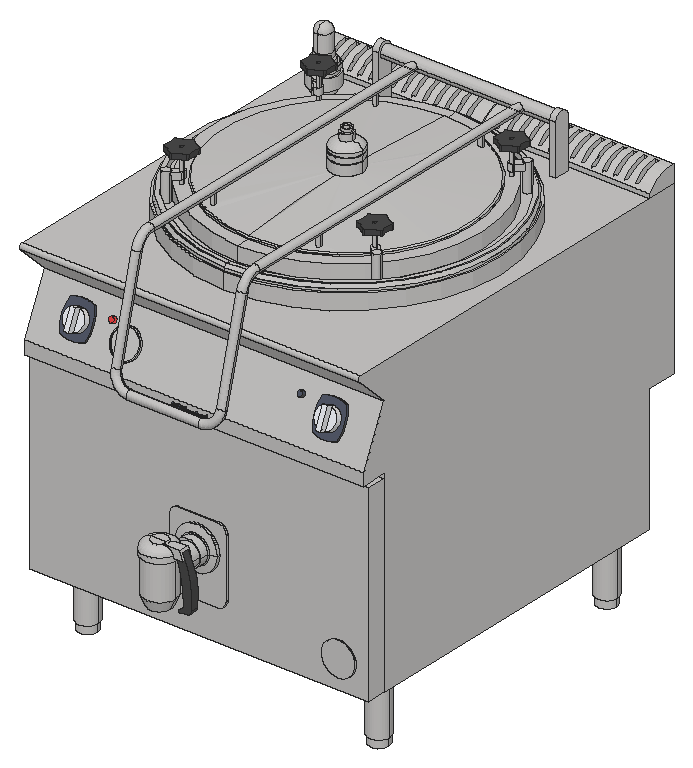
Revit family "QF_ELECTROLUXPROFESSIONAL_391616_E9NNETBAMEC", category Attrezzature speciali, Revit 2018
Family settings
  Quota connettore circolare = Usa diametro
  Tipo di parte = Normale
  Basato su piano di lavoro = No
  Sempre verticale = Sì
  Taglio con vuoti quando caricato = No
  Condiviso = No
  Punto di calcolo locali = No
Parameters (values of type "Standard")
  Weight = 145.00 kg
  Watts = 100 W
  Volts = 220 V
  URL Manufacturer = "https://www.electroluxprofessional.com/"
  URL = "https://www.electroluxprofessional.com/"
  Steam Supply Size = 0"
  Steam Supply Minimum Pressure = 0.00 psi
  Steam Supply Maximum Pressure = 0.00 psi
  Steam Consumption per Hour = 0
  Show Logo [instance] = yes
  Show Clearance [instance] = yes
  Refrigeration Suction Line Size = 0 mm
  Refrigeration Liquid Line Size = 0 mm
  Refrigerant Compressor Remote = yes
  Phase = 1
  Modello = "E9NNETBAMEC"
  Produttore = "Electrolux Professional"
  Length Actual = 800 mm  # constant formula
  Item Number = "391616"
  Hot Water Size = 3/4"
  Height Actual = 850 mm  # constant formula
  HP = "0.1 HP"
  Gas Size = 1/2"
  Gas KW = 24
  Gas Input Pressure = 0.805176 Btu/h
  Direct Waste Size = 2"
  Descrizione = "150LT GAS BOILING PAN-INDIR.HEAT-AUTOCLAVE-60HZ - QMARK"
  Depth Actual = 930 mm  # constant formula
  Cycle = 60 Hz
  Condensate Return Size = 0"
  Compressed Air Volume = 0 GPM
  Compressed Air Size = 0"
  Compressed Air Pressure = 0.00 psi
  Cold Water Size = 3/4"
  Assembly Code = ""
  Accessory = yes
Reference planes
  plane 1 "BACK": y = 0
  plane 2: z = 0
  plane 3 "LEFT": x = 0
  plane 4 "RIGHT": x = 800
  plane 5 "FRONT": y = -930
  plane 6 "TOP": z = 850
  plane 7 "Center Y": x = 400
  plane 8 "Center X": y = -465
  plane 9 "Base": z = 150
  plane 10: y = -1017
  plane 11: z = 1786
  plane 12: y = -800
  plane 13: x = 56
  plane 14: x = 744
  plane 15: x = 746
  plane 16: x = 729
  plane 17: x = 47
  plane 18: x = 151.01
  plane 19: x = 648.99
  plane 20: y = -127
Forms (mm)
  Revolve 1, solid, material "QF_Finishes_Stainless Steel"
    sketch origin (1, -127, 0) x (1, 0, 0) y (0, 0, 1)
      loop
        line (55, 0) -> (55, 150) -> (29.6, 150) -> (29.6, 19.05) -> (32.1, 19.05) -> (32.1, 0) -> (55, 0)
      axis (55, 0) -> (55, 150)
    angle from 0 to 360
  Revolve 2, solid, material "QF_Finishes_Stainless Steel"
    sketch origin (799, -127, 0) x (-1, 0, 0) y (0, 0, -1)
      loop
        line (55, 0) -> (32.1, 0) -> (32.1, -19.05) -> (29.6, -19.05) -> (29.6, -150) -> (55, -150) -> (55, 0)
      axis (55, 0) -> (55, -150)
    angle from 0 to 360
  Revolve 3, solid, material "QF_Finishes_Stainless Steel"
    sketch origin (1, -800, 0) x (1, 0, 0) y (0, 0, 1)
      loop
        line (55, 0) -> (55, 150) -> (29.6, 150) -> (29.6, 19.05) -> (32.1, 19.05) -> (32.1, 0) -> (55, 0)
      axis (55, 0) -> (55, 150)
    angle from 0 to 360
  Revolve 4, solid, material "QF_Finishes_Stainless Steel"
    sketch origin (799, -800, 0) x (-1, 0, 0) y (0, 0, -1)
      loop
        line (55, 0) -> (32.1, 0) -> (32.1, -19.05) -> (29.6, -19.05) -> (29.6, -150) -> (55, -150) -> (55, 0)
      axis (55, 0) -> (55, -150)
    angle from 0 to 360
  Extrusion 5, solid, material "QF_Finishes_Stainless Steel"
    sketch origin (0, 0, 576.213) x (0, 1, 0) y (0, 0, 1)
      loop
        line (0, -127.212) -> (0, 273.787) -> (-922.342, 273.787)
        arc (-922.342, 273.787) -> (-929.417, 269.06) -> (-927.757, 260.714) r 7.658
        line (-927.757, 260.714) -> (-856.613, 190.57) -> (-915.31, 65.214) -> (-915.31, 33.916) -> (-855.186, 38.612)
        arc (-855.186, 38.612) -> (-852.661, 37.864) -> (-851.569, 35.468) r 3.175
        line (-851.569, 35.468) -> (-851.569, -426.212) -> (-72, -426.212) -> (-72, -127.212) -> (0, -127.212)
      loop
        line (-901, 25.858) -> (-901, -426.212) -> (-854.744, -426.212) -> (-854.744, 25.858) -> (-901, 25.858)
    from 0 to 800
  Extrusion 6, solid, material "QF_Finishes_Stainless Steel"
    sketch origin (0, -901, 557.071) x (0, 0, 1) y (-1, 0, 0)
      loop
        arc (-150.774, -353.125) -> (-156.632, -338.983) -> (-170.774, -333.125) r 20
        line (-170.774, -333.125) -> (-310.774, -333.125)
        arc (-310.774, -333.125) -> (-324.916, -338.983) -> (-330.774, -353.125) r 20
        line (-330.774, -353.125) -> (-330.774, -446.875)
        arc (-330.774, -446.875) -> (-324.916, -461.017) -> (-310.774, -466.875) r 20
        line (-310.774, -466.875) -> (-170.774, -466.875)
        arc (-170.774, -466.875) -> (-156.632, -461.017) -> (-150.774, -446.875) r 20
        line (-150.774, -446.875) -> (-150.774, -353.125)
    from 0 to 3.2
  Revolve 7, solid, material "QF_Finishes_Stainless Steel"
    sketch origin (50, -127.411, 338.218) x (1, 0, 0) y (0, 1, 0)
      loop
        line (350, -776.789) -> (350, -866.845) -> (377.31, -866.845) -> (377.31, -807.326) -> (381.52, -807.326) -> (381.52, -788.802) -> (383.56, -788.802) -> (383.56, -785.903) -> (400.479, -782.307) -> (400.479, -776.789) -> (350, -776.789)
      axis (350, -866.845) -> (350, -776.789)
    angle from 0 to 360
  Extrusion 8, solid, material "QF_Finishes_Stainless Steel"
    sketch origin (0, -901, 557.071) x (0, 0, 1) y (-1, 0, 0)
      loop
        circle (-340.2, -729.973) r 40
      loop
        circle (-280.2, -284.973) r 20
    from 0 to 1.6
  Extrusion 9, solid, material "QF_Finishes_Navy Blue"
    sketch origin (-437.256, -913.119, 646.186) x (0, 0.418102, 0.9084) y (-1, 0, 0)
      loop
        arc (102.623, -510.47) -> (67.041, -502.846) -> (31.333, -509.853) r 90.5
        arc (31.333, -509.853) -> (24.507, -539.04) -> (31.333, -568.228) r 65.817
        arc (31.333, -568.228) -> (67.04, -575.188) -> (102.623, -567.615) r 91.066
        arc (102.623, -567.615) -> (109.179, -539.043) -> (102.623, -510.47) r 65.546
      loop
        arc (102.623, -1164.043) -> (109.179, -1135.47) -> (102.623, -1106.897) r 65.546
        arc (102.623, -1106.897) -> (67.04, -1099.324) -> (31.333, -1106.284) r 91.066
        arc (31.333, -1106.284) -> (24.507, -1135.472) -> (31.333, -1164.66) r 65.817
        arc (31.333, -1164.66) -> (67.041, -1171.667) -> (102.623, -1164.043) r 90.5
    from 0 to 3.175
  Extrusion 10, solid, material "QF_Finishes_White"
    sketch origin (-58.506, -916.833, 645.711) x (0, 0.418102, 0.9084) y (-1, 0, 0)
      loop
        circle (68.826, -160.963) r 25.4
      loop
        circle (68.826, -756.049) r 25.4
    from 0 to 12.7
  Extrusion 11, solid, material "QF_Finishes_White"
    sketch origin (-58.506, -928.369, 651.021) x (0, 0.418102, 0.9084) y (-1, 0, 0)
      loop
        arc (93.558, -166.749) -> (94.226, -160.963) -> (93.558, -155.177) r 25.4
        line (93.558, -155.177) -> (44.094, -155.177)
        arc (44.094, -155.177) -> (43.426, -160.963) -> (44.094, -166.749) r 25.4
        line (44.094, -166.749) -> (93.558, -166.749)
      loop
        line (93.558, -750.263) -> (44.094, -750.263)
        arc (44.094, -750.263) -> (43.426, -756.049) -> (44.094, -761.836) r 25.4
        line (44.094, -761.836) -> (93.558, -761.836)
        arc (93.558, -761.836) -> (94.226, -756.049) -> (93.558, -750.263) r 25.4
    from 0 to 12.7
  Extrusion 12, solid, material "QF_Finishes_Red"
    sketch origin (-137.986, -902.667, 668.896) x (0, 0.418102, 0.9084) y (-1, 0, 0)
      loop
        circle (65.471, -315.169) r 6.35
    from 0 to 6
  Extrusion 13, solid, material "QF_Finishes_Navy Blue"
    sketch origin (937.986, -902.667, 668.896) x (0, 0.418102, 0.9084) y (-1, 0, 0)
      loop
        circle (65.471, 315.169) r 6.35
    from 0 to 6
  Extrusion 14, solid, material "QF_Finishes_Navy Blue", visible <- "Show Logo"
    sketch origin (61.109, -915.31, 610.773) x (0, 0, 1) y (-1, 0, 0)
      loop
        line (20.674, -296.698) -> (8.307, -296.698)
        arc (8.307, -296.698) -> (14.491, -301.27) -> (20.674, -296.698) r 6.467
      loop
        arc (20.674, -296.069) -> (19.505, -290.926) -> (14.849, -288.448) r 6.338
        line (14.849, -288.448) -> (14.849, -290.494)
        arc (14.849, -290.494) -> (16.333, -294.149) -> (19.778, -296.069) r 5.941
        line (19.778, -296.069) -> (20.674, -296.069)
      loop
        arc (9.203, -296.069) -> (12.648, -294.149) -> (14.132, -290.494) r 5.941
        line (14.132, -290.494) -> (14.132, -288.448)
        arc (14.132, -288.448) -> (9.438, -290.922) -> (8.148, -296.069) r 6.504
        line (8.148, -296.069) -> (9.203, -296.069)
      loop
        line (21.349, -287.979) -> (7.604, -287.979) -> (7.604, -301.742) -> (21.349, -301.742) -> (21.349, -287.979)
      loop
        arc (21.432, -304.71) -> (21.085, -304.352) -> (20.718, -304.69) r 0.358
        arc (20.718, -304.69) -> (20.404, -305.44) -> (19.687, -305.825) r 1.216
        line (19.687, -305.825) -> (9.274, -305.825)
        arc (9.274, -305.825) -> (8.614, -305.548) -> (8.218, -304.951) r 1.238
        arc (8.218, -304.951) -> (7.823, -304.7) -> (7.518, -305.054) r 0.358
        line (7.518, -305.054) -> (7.518, -314.933) -> (10.269, -314.933) -> (10.269, -314.036)
        arc (10.269, -314.036) -> (9.36, -313.456) -> (8.904, -312.479) r 1.928
        line (8.904, -312.479) -> (8.904, -309.98)
        arc (8.904, -309.98) -> (9.18, -309.251) -> (9.868, -308.887) r 1.101
        line (9.868, -308.887) -> (13.955, -308.887) -> (13.955, -312.561)
        arc (13.955, -312.561) -> (13.602, -313.058) -> (13.037, -313.286) r 1.083
        arc (13.037, -313.286) -> (12.773, -313.591) -> (13.065, -313.869) r 0.292
        line (13.065, -313.869) -> (16.028, -313.869)
        arc (16.028, -313.869) -> (16.33, -313.596) -> (16.092, -313.266) r 0.305
        arc (16.092, -313.266) -> (15.601, -313.018) -> (15.296, -312.561) r 1.083
        line (15.296, -312.561) -> (15.296, -308.887) -> (19.973, -308.887) -> (19.973, -312.635)
        arc (19.973, -312.635) -> (19.759, -313.39) -> (19.153, -313.888) r 1.314
        arc (19.153, -313.888) -> (18.934, -314.292) -> (19.288, -314.585) r 0.361
        line (19.288, -314.585) -> (21.432, -314.585) -> (21.432, -304.71)
      loop
        arc (20.715, -315.365) -> (20.335, -316.284) -> (19.416, -316.664) r 1.299
        line (19.416, -316.664) -> (9.837, -316.664)
        arc (9.837, -316.664) -> (8.999, -316.286) -> (8.728, -315.408) r 1.118
        line (8.728, -315.408) -> (7.518, -315.408) -> (7.518, -320.758) -> (8.706, -320.758)
        arc (8.706, -320.758) -> (8.978, -319.841) -> (9.848, -319.445) r 1.153
        line (9.848, -319.445) -> (21.92, -319.445) -> (20.715, -315.365)
      loop
        line (12.483, -323.394) -> (12.483, -329.842) -> (13.282, -329.842)
        arc (13.282, -329.842) -> (15.862, -328.857) -> (17.131, -326.404) r 3.874
        line (17.131, -326.404) -> (17.131, -324.643)
        arc (17.131, -324.643) -> (15.944, -321.778) -> (13.08, -320.592) r 4.051
        line (13.08, -320.592) -> (11.072, -320.592)
        arc (11.072, -320.592) -> (8.253, -322.077) -> (7.202, -325.084) r 4.352
        arc (7.202, -325.084) -> (7.566, -327.547) -> (8.943, -329.621) r 5.713
        line (8.943, -329.621) -> (9.892, -329.621)
        arc (9.892, -329.621) -> (9.16, -328.052) -> (8.943, -326.334) r 5.579
        arc (8.943, -326.334) -> (9.737, -324.371) -> (11.616, -323.394) r 3.057
        line (11.616, -323.394) -> (12.483, -323.394)
      loop
        line (13.742, -323.394) -> (13.742, -326.977)
        arc (13.742, -326.977) -> (15.199, -327.024) -> (16.082, -325.864) r 1.59
        line (16.082, -325.864) -> (16.082, -325.034)
        arc (16.082, -325.034) -> (15.217, -323.779) -> (13.742, -323.394) r 2.184
      loop
        arc (16.533, -339.259) -> (17.022, -337.585) -> (17.179, -335.848) r 9.023
        line (17.179, -335.848) -> (17.179, -334.486)
        arc (17.179, -334.486) -> (16.02, -331.686) -> (13.22, -330.527) r 3.959
        line (13.22, -330.527) -> (10.62, -330.527)
        arc (10.62, -330.527) -> (8.338, -331.819) -> (7.221, -334.192) r 4.331
        line (7.221, -334.192) -> (7.221, -336.327)
        arc (7.221, -336.327) -> (7.729, -337.877) -> (8.651, -339.223) r 5.772
        arc (8.651, -339.223) -> (9.412, -339.274) -> (9.499, -338.515) r 0.553
        arc (9.499, -338.515) -> (9.111, -337.781) -> (8.977, -336.962) r 2.573
        line (8.977, -336.962) -> (8.977, -335.447)
        arc (8.977, -335.447) -> (9.983, -333.806) -> (11.798, -333.163) r 2.884
        line (11.798, -333.163) -> (13.077, -333.163)
        arc (13.077, -333.163) -> (14.898, -333.723) -> (15.824, -335.388) r 2.554
        line (15.824, -335.388) -> (15.824, -336.441)
        arc (15.824, -336.441) -> (15.493, -337.369) -> (14.836, -338.104) r 2.564
        arc (14.836, -338.104) -> (14.614, -338.821) -> (15.223, -339.259) r 0.643
        line (15.223, -339.259) -> (16.533, -339.259)
      loop
        line (15.515, -339.53) -> (15.515, -341.031) -> (9.467, -341.031)
        arc (9.467, -341.031) -> (7.879, -341.688) -> (7.221, -343.276) r 2.246
        line (7.221, -343.276) -> (7.221, -344.86)
        arc (7.221, -344.86) -> (7.535, -345.725) -> (8.035, -346.496) r 4.06
        arc (8.035, -346.496) -> (8.768, -346.629) -> (9.019, -345.928) r 0.576
        arc (9.019, -345.928) -> (8.913, -345.403) -> (8.977, -344.87) r 1.69
        arc (8.977, -344.87) -> (9.519, -344.082) -> (10.425, -343.779) r 1.506
        line (10.425, -343.779) -> (15.563, -343.779) -> (15.563, -346.176) -> (16.119, -346.733) -> (16.941, -346.733) -> (16.941, -343.873) -> (20.172, -343.873) -> (15.515, -339.53)
      loop
        line (7.438, -347.63) -> (7.438, -353.017) -> (8.548, -353.017)
        arc (8.548, -353.017) -> (8.942, -352.066) -> (9.893, -351.672) r 1.345
        line (9.893, -351.672) -> (13.509, -351.672)
        arc (13.509, -351.672) -> (14.274, -352.264) -> (14.564, -353.186) r 1.615
        line (14.564, -353.186) -> (14.564, -354.742) -> (17.119, -355.427) -> (17.119, -354.044) -> (15.177, -351.485) -> (17.057, -351.485) -> (16.773, -348.779)
        arc (16.773, -348.779) -> (16.333, -348.249) -> (15.674, -348.45) r 0.621
        arc (15.674, -348.45) -> (15.274, -348.792) -> (14.78, -348.975) r 1.501
        line (14.78, -348.975) -> (9.893, -348.975)
        arc (9.893, -348.975) -> (8.942, -348.581) -> (8.548, -347.63) r 1.345
        line (8.548, -347.63) -> (7.438, -347.63)
      loop
        line (13.54, -354.964) -> (10.848, -354.964)
        arc (10.848, -354.964) -> (8.403, -356.272) -> (7.269, -358.803) r 4.288
        arc (7.269, -358.803) -> (7.205, -360.183) -> (7.269, -361.563) r 15.022
        arc (7.269, -361.563) -> (8.403, -364.094) -> (10.848, -365.401) r 4.288
        line (10.848, -365.401) -> (13.54, -365.401)
        arc (13.54, -365.401) -> (15.986, -364.094) -> (17.119, -361.563) r 4.288
        arc (17.119, -361.563) -> (17.183, -360.183) -> (17.119, -358.803) r 15.022
        arc (17.119, -358.803) -> (15.986, -356.272) -> (13.54, -354.964) r 4.288
      loop
        line (13.745, -358.078) -> (10.643, -358.078)
        arc (10.643, -358.078) -> (8.486, -360.235) -> (10.643, -362.392) r 2.157
        line (10.643, -362.392) -> (13.745, -362.392)
        arc (13.745, -362.392) -> (15.902, -360.235) -> (13.745, -358.078) r 2.157
      loop
        arc (20.726, -365.26) -> (20.355, -366.154) -> (19.461, -366.524) r 1.264
        line (19.461, -366.524) -> (9.597, -366.524)
        arc (9.597, -366.524) -> (8.727, -366.127) -> (8.455, -365.211) r 1.153
        line (8.455, -365.211) -> (7.518, -365.211) -> (7.518, -370.319) -> (8.446, -370.319)
        arc (8.446, -370.319) -> (8.805, -369.547) -> (9.597, -369.232) r 1.153
        line (9.597, -369.232) -> (21.92, -369.232) -> (20.726, -365.26)
      loop
        arc (15.846, -369.857) -> (15.647, -370.921) -> (14.678, -371.403) r 1.215
        line (14.678, -371.403) -> (9.658, -371.403)
        arc (9.658, -371.403) -> (8.043, -372.051) -> (7.322, -373.634) r 2.338
        line (7.322, -373.634) -> (7.322, -375.148)
        arc (7.322, -375.148) -> (7.497, -376.152) -> (7.999, -377.038) r 2.979
        line (7.999, -377.038) -> (7.518, -378.835) -> (7.518, -380.524) -> (16.943, -380.524) -> (16.649, -376.32) -> (15.863, -376.32)
        arc (15.863, -376.32) -> (15.507, -377.156) -> (14.755, -377.665) r 1.605
        line (14.755, -377.665) -> (9.652, -377.665)
        arc (9.652, -377.665) -> (9.232, -376.728) -> (9.159, -375.704) r 2.94
        arc (9.159, -375.704) -> (9.72, -374.603) -> (10.873, -374.16) r 1.724
        line (10.873, -374.16) -> (17.07, -374.16) -> (15.846, -369.857)
      loop
        line (16.874, -381.377) -> (15.202, -383.423) -> (12.028, -385.729) -> (8.572, -382.617)
        arc (8.572, -382.617) -> (8.335, -382.223) -> (8.357, -381.764) r 0.789
        line (8.357, -381.764) -> (7.518, -381.764) -> (7.518, -385.309) -> (8.344, -385.309)
        arc (8.344, -385.309) -> (8.686, -384.947) -> (9.176, -385.039) r 0.52
        line (9.176, -385.039) -> (10.976, -386.51) -> (8.858, -387.886)
        arc (8.858, -387.886) -> (8.457, -387.576) -> (8.37, -387.076) r 0.7
        line (8.37, -387.076) -> (7.518, -387.076) -> (7.518, -393.003) -> (8.405, -393.003)
        arc (8.405, -393.003) -> (8.472, -392.344) -> (8.866, -391.813) r 1.247
        line (8.866, -391.813) -> (13.066, -388.532) -> (15.513, -390.585) -> (16.874, -392.327) -> (16.874, -388.604) -> (15.389, -389.026) -> (13.868, -387.749) -> (15.568, -386.559) -> (16.874, -387.336) -> (16.874, -381.377)
    from 0 to 1.644
  Revolve 15, solid, material "QF_Finishes_Stainless Steel"
    sketch origin (400, -109.012, 0.687) x (0, 1, 0) y (0, 0, 1)
      loop
        line (-355.988, 849.312) -> (-355.988, 946.284)
        arc (-355.988, 946.284) -> (-500.572, 942.27) -> (-644.711, 930.241) r 2606.177
        line (-644.711, 930.241) -> (-647.488, 927.465) -> (-647.488, 924.094) -> (-676.819, 924.094) -> (-676.819, 888.437) -> (-701.151, 888.437) -> (-701.151, 902.549) -> (-710.075, 902.549) -> (-710.075, 900.745) -> (-714.988, 892.235) -> (-714.988, 886.51) -> (-719.988, 886.51) -> (-719.988, 849.312) -> (-355.988, 849.312)
      axis (-355.988, 849.312) -> (-355.988, 946.284)
    angle from 0 to 360
  Extrusion 16, solid, material "QF_Finishes_Stainless Steel"
    sketch origin (0, 0, 560.363) x (0, 1, 0) y (0, 0, 1)
      loop
        line (0, 289.638) -> (0, 331.738)
        arc (0, 331.738) -> (-38.857, 324.552) -> (-69.85, 300.038) r 82.056
        line (-69.85, 300.038) -> (-69.85, 289.638) -> (0, 289.638)
    from 0 to 400
  Extrusion 17, void
    sketch origin (0, 0, 835) x (0, -1, 0) y (1, 0, 0)
      loop
        line (6.761, 29.703) -> (63.911, 29.703) -> (63.911, 38.999) -> (6.761, 38.999) -> (6.761, 29.703)
      loop
        line (63.911, 64.487) -> (6.761, 64.487) -> (6.761, 55.191) -> (63.911, 55.191) -> (63.911, 64.487)
      loop
        line (63.911, 89.975) -> (6.761, 89.975) -> (6.761, 80.68) -> (63.911, 80.68) -> (63.911, 89.975)
      loop
        line (63.911, 115.464) -> (6.761, 115.464) -> (6.761, 106.168) -> (63.911, 106.168) -> (63.911, 115.464)
      loop
        line (63.911, 140.952) -> (6.761, 140.952) -> (6.761, 131.656) -> (63.911, 131.656) -> (63.911, 140.952)
      loop
        line (63.911, 166.44) -> (6.761, 166.44) -> (6.761, 157.145) -> (63.911, 157.145) -> (63.911, 166.44)
      loop
        line (63.911, 191.929) -> (6.761, 191.929) -> (6.761, 182.633) -> (63.911, 182.633) -> (63.911, 191.929)
      loop
        line (63.911, 217.417) -> (6.761, 217.417) -> (6.761, 208.121) -> (63.911, 208.121) -> (63.911, 217.417)
      loop
        line (63.911, 242.905) -> (6.761, 242.905) -> (6.761, 233.61) -> (63.911, 233.61) -> (63.911, 242.905)
      loop
        line (63.911, 268.394) -> (6.761, 268.394) -> (6.761, 259.098) -> (63.911, 259.098) -> (63.911, 268.394)
      loop
        line (63.911, 293.882) -> (6.761, 293.882) -> (6.761, 284.586) -> (63.911, 284.586) -> (63.911, 293.882)
      loop
        line (63.911, 319.37) -> (6.761, 319.37) -> (6.761, 310.075) -> (63.911, 310.075) -> (63.911, 319.37)
      loop
        line (63.911, 344.859) -> (6.761, 344.859) -> (6.761, 335.563) -> (63.911, 335.563) -> (63.911, 344.859)
      loop
        line (63.911, 370.347) -> (6.761, 370.347) -> (6.761, 361.051) -> (63.911, 361.051) -> (63.911, 370.347)
    from 25.4 to 63.5
  Extrusion 18, solid, material "QF_Finishes_Stainless Steel"
    sketch origin (800, 0, 560.363) x (0, 1, 0) y (0, 0, -1)
      loop
        line (0, -289.638) -> (-69.85, -289.638) -> (-69.85, -300.038)
        arc (-69.85, -300.038) -> (-38.857, -324.552) -> (0, -331.738) r 82.056
        line (0, -331.738) -> (0, -289.638)
    from 0 to 400
  Extrusion 19, void
    sketch origin (800, 0, 835) x (0, -1, 0) y (1, 0, 0)
      loop
        line (6.761, -29.703) -> (6.761, -38.999) -> (63.911, -38.999) -> (63.911, -29.703) -> (6.761, -29.703)
      loop
        line (63.911, -64.487) -> (63.911, -55.191) -> (6.761, -55.191) -> (6.761, -64.487) -> (63.911, -64.487)
      loop
        line (63.911, -89.975) -> (63.911, -80.68) -> (6.761, -80.68) -> (6.761, -89.975) -> (63.911, -89.975)
      loop
        line (63.911, -115.464) -> (63.911, -106.168) -> (6.761, -106.168) -> (6.761, -115.464) -> (63.911, -115.464)
      loop
        line (63.911, -140.952) -> (63.911, -131.656) -> (6.761, -131.656) -> (6.761, -140.952) -> (63.911, -140.952)
      loop
        line (63.911, -166.44) -> (63.911, -157.145) -> (6.761, -157.145) -> (6.761, -166.44) -> (63.911, -166.44)
      loop
        line (63.911, -191.929) -> (63.911, -182.633) -> (6.761, -182.633) -> (6.761, -191.929) -> (63.911, -191.929)
      loop
        line (63.911, -217.417) -> (63.911, -208.121) -> (6.761, -208.121) -> (6.761, -217.417) -> (63.911, -217.417)
      loop
        line (63.911, -242.905) -> (63.911, -233.61) -> (6.761, -233.61) -> (6.761, -242.905) -> (63.911, -242.905)
      loop
        line (63.911, -268.394) -> (63.911, -259.098) -> (6.761, -259.098) -> (6.761, -268.394) -> (63.911, -268.394)
      loop
        line (63.911, -293.882) -> (63.911, -284.586) -> (6.761, -284.586) -> (6.761, -293.882) -> (63.911, -293.882)
      loop
        line (63.911, -319.37) -> (63.911, -310.075) -> (6.761, -310.075) -> (6.761, -319.37) -> (63.911, -319.37)
      loop
        line (63.911, -344.859) -> (63.911, -335.563) -> (6.761, -335.563) -> (6.761, -344.859) -> (63.911, -344.859)
      loop
        line (63.911, -370.347) -> (63.911, -361.051) -> (6.761, -361.051) -> (6.761, -370.347) -> (63.911, -370.347)
    from 25.4 to 63.5
  Extrusion 20, solid, material "QF_Finishes_Stainless Steel"
    sketch origin (0, -90.262, 0) x (1, 0, 0) y (0, 1, 0)
      loop
        circle (275.084, -613.366) r 5
      loop
        circle (275.084, -135.109) r 5
      loop
        circle (524.916, -613.366) r 5
      loop
        circle (524.916, -135.109) r 5
    from 873.469 to 966.597
  Extrusion 21, solid, material "QF_Finishes_Stainless Steel"
    sketch origin (0, -653.222, 150) x (1, 0, 0) y (0, -1, 0)
      loop
        circle (746, 1.778) r 6.35
    from 0 to 13
  Extrusion 22, solid, material "QF_Finishes_Stainless Steel"
    sketch origin (0, -654.222, 150) x (1, 0, 0) y (0, -1, 0)
      loop
        circle (729, 66.778) r 6.35
    from 0 to 13
  Extrusion 23, solid, material "QF_Finishes_Stainless Steel"
    sketch origin (-673, -652.222, 150) x (1, 0, 0) y (0, -1, 0)
      loop
        circle (720, -6.222) r 9.5
      loop
        circle (720, 63.778) r 9.5
    from 0 to 13
  Extrusion 24, solid, material "QF_Clearances", visible <- "Show Clearance", detail levels coarse
    sketch origin (0, 0, 0) x (1, 0, 0) y (0, 1, 0)
      loop
        line (-50, -930) -> (0, -930) -> (0, 0) -> (800, 0) -> (800, -930) -> (850, -930) -> (850, 50) -> (-50, 50) -> (-50, -930)
    from 0 to 865.138
  Extrusion 25, solid, material "QF_Finishes_Stainless Steel"
    sketch origin (73.929, 3.488, 39.209) x (0, 1, 0) y (0, 0, 1)
      loop
        line (-86.2, 810.791) -> (-86.2, 927.861)
        arc (-86.2, 927.861) -> (-103.594, 945.255) -> (-120.988, 927.861) r 17.394
        line (-120.988, 927.861) -> (-120.988, 810.791) -> (-86.2, 810.791)
    from 527.978 to 542.561
  Extrusion 26, solid, material "QF_Finishes_Stainless Steel"
    sketch origin (0, 3.488, 37.959) x (0, 1, 0) y (0, 0, 1)
      loop
        circle (-103.594, 927.13) r 15
    from 198.093 to 601.907
  Extrusion 27, solid, material "QF_Finishes_Stainless Steel"
    sketch origin (726.071, 3.488, 39.209) x (0, 1, 0) y (0, 0, -1)
      loop
        line (-86.2, -810.791) -> (-120.988, -810.791) -> (-120.988, -927.861)
        arc (-120.988, -927.861) -> (-103.594, -945.255) -> (-86.2, -927.861) r 17.394
        line (-86.2, -927.861) -> (-86.2, -810.791)
    from 527.978 to 542.561
  Extrusion 28, solid, material "QF_Finishes_Stainless Steel"
    sketch origin (0, -858.418, 765.034) x (0, -0.418102, -0.9084) y (1, 0, 0)
      loop
        circle (73.793, 217.932) r 35
    from 0 to 3.2
  Extrusion 29, void
    sketch origin (0, -861.325, 766.372) x (0, -0.418102, -0.9084) y (1, 0, 0)
      loop
        circle (73.793, 217.932) r 33
    from 0 to -1.6
  Revolve 30, solid, material "QF_Finishes_Stainless Steel"
    sketch origin (75, 0, 0) x (0, 1, 0) y (0, 0, 1)
      loop
        line (-127, 850) -> (-127, 995.049)
        arc (-127, 995.049) -> (-139.857, 989.724) -> (-145.183, 976.867) r 18.183
        line (-145.183, 976.867) -> (-145.183, 936.198) -> (-147.515, 936.198) -> (-147.515, 925.501) -> (-152, 921.015) -> (-152, 914.56) -> (-157, 914.56) -> (-157, 909.56) -> (-160.008, 909.56) -> (-160.008, 901.432) -> (-157, 901.432) -> (-157, 892.923) -> (-162, 892.923) -> (-162, 865.138) -> (-152, 865.138) -> (-152, 850) -> (-127, 850)
      axis (-127, 850) -> (-127, 995.049)
    angle from 0 to 360
  Extrusion 31, solid, material "QF_Finishes_Stainless Steel"
    sketch origin (400, -465, 889.125) x (-1, 0, 0) y (0, -1, 0)
      loop
        circle (248.99, -222.263) r 9.5
      loop
        circle (-248.99, -222.263) r 9.5
      loop
        circle (248.99, 222.737) r 9.5
      loop
        circle (-248.99, 222.737) r 9.5
    from 0 to 65.025
  Extrusion 32, solid, material "QF_Finishes_Stainless Steel"
    sketch origin (0, 0, 0) x (1, 0, 0) y (0, 1, 0)
      loop
        line (160.29, -688.771) -> (176.792, -672.269)
        arc (176.792, -672.269) -> (176.792, -660.955) -> (165.478, -660.955) r 8
        line (165.478, -660.955) -> (148.976, -677.457)
        arc (148.976, -677.457) -> (157.728, -680.019) -> (160.29, -688.771) r 9.5
      loop
        arc (639.71, -688.771) -> (642.272, -680.019) -> (651.024, -677.457) r 9.5
        line (651.024, -677.457) -> (634.522, -660.955)
        arc (634.522, -660.955) -> (623.208, -660.955) -> (623.208, -672.269) r 8
        line (623.208, -672.269) -> (639.71, -688.771)
      loop
        arc (160.29, -240.703) -> (157.728, -249.454) -> (148.976, -252.017) r 9.5
        line (148.976, -252.017) -> (165.478, -268.519)
        arc (165.478, -268.519) -> (176.792, -268.519) -> (176.792, -257.205) r 8
        line (176.792, -257.205) -> (160.29, -240.703)
      loop
        line (639.71, -240.703) -> (623.208, -257.205)
        arc (623.208, -257.205) -> (623.208, -268.519) -> (634.522, -268.519) r 8
        line (634.522, -268.519) -> (651.024, -252.017)
        arc (651.024, -252.017) -> (642.272, -249.454) -> (639.71, -240.703) r 9.5
    from 936.198 to 951.201
  Extrusion 33, solid, material "QF_Finishes_Stainless Steel"
    sketch origin (400, -465, 924.782) x (-1, 0, 0) y (0, -1, 0)
      loop
        circle (228.323, 202.069) r 4
      loop
        circle (-228.323, 202.069) r 4
      loop
        circle (228.323, -202.069) r 4
      loop
        circle (-228.323, -202.069) r 4
    from 0 to 65.572
  Extrusion 34, solid, material "QF_Finishes_Black"
    sketch origin (0, 0, 0) x (1, 0, 0) y (0, 1, 0)
      loop
        circle (171.677, -667.069) r 4
      loop
        arc (173.74, -634.086) -> (171.677, -633.272) -> (169.615, -634.086) r 3.02
        arc (169.615, -634.086) -> (157.714, -642.903) -> (144.127, -648.797) r 65
        arc (144.127, -648.797) -> (142.401, -650.167) -> (142.077, -652.346) r 3
        arc (142.077, -652.346) -> (143.767, -667.069) -> (142.077, -681.793) r 65
        arc (142.077, -681.793) -> (142.401, -683.972) -> (144.127, -685.342) r 3
        arc (144.127, -685.342) -> (157.733, -691.247) -> (169.647, -700.083) r 65
        arc (169.647, -700.083) -> (171.677, -700.885) -> (173.708, -700.083) r 2.971
        arc (173.708, -700.083) -> (185.622, -691.247) -> (199.228, -685.342) r 65
        arc (199.228, -685.342) -> (200.954, -683.972) -> (201.278, -681.793) r 3
        arc (201.278, -681.793) -> (199.588, -667.069) -> (201.278, -652.346) r 65
        arc (201.278, -652.346) -> (200.954, -650.167) -> (199.228, -648.797) r 3
        arc (199.228, -648.797) -> (185.641, -642.903) -> (173.74, -634.086) r 65
      loop
        circle (628.323, -667.069) r 4
      loop
        arc (626.26, -634.086) -> (614.359, -642.903) -> (600.772, -648.797) r 65
        arc (600.772, -648.797) -> (599.046, -650.167) -> (598.722, -652.346) r 3
        arc (598.722, -652.346) -> (600.412, -667.069) -> (598.722, -681.793) r 65
        arc (598.722, -681.793) -> (599.046, -683.972) -> (600.772, -685.342) r 3
        arc (600.772, -685.342) -> (614.378, -691.247) -> (626.292, -700.083) r 65
        arc (626.292, -700.083) -> (628.323, -700.885) -> (630.353, -700.083) r 2.971
        arc (630.353, -700.083) -> (642.267, -691.247) -> (655.873, -685.342) r 65
        arc (655.873, -685.342) -> (657.599, -683.972) -> (657.923, -681.793) r 3
        arc (657.923, -681.793) -> (656.233, -667.069) -> (657.923, -652.346) r 65
        arc (657.923, -652.346) -> (657.599, -650.167) -> (655.873, -648.797) r 3
        arc (655.873, -648.797) -> (642.286, -642.903) -> (630.385, -634.086) r 65
        arc (630.385, -634.086) -> (628.323, -633.272) -> (626.26, -634.086) r 3.02
      loop
        circle (171.677, -262.931) r 4
      loop
        arc (173.74, -295.914) -> (185.641, -287.097) -> (199.228, -281.203) r 65
        arc (199.228, -281.203) -> (200.954, -279.833) -> (201.278, -277.654) r 3
        arc (201.278, -277.654) -> (199.588, -262.931) -> (201.278, -248.207) r 65
        arc (201.278, -248.207) -> (200.954, -246.028) -> (199.228, -244.658) r 3
        arc (199.228, -244.658) -> (185.622, -238.753) -> (173.708, -229.917) r 65
        arc (173.708, -229.917) -> (171.677, -229.115) -> (169.647, -229.917) r 2.971
        arc (169.647, -229.917) -> (157.733, -238.753) -> (144.127, -244.658) r 65
        arc (144.127, -244.658) -> (142.401, -246.028) -> (142.077, -248.207) r 3
        arc (142.077, -248.207) -> (143.767, -262.931) -> (142.077, -277.654) r 65
        arc (142.077, -277.654) -> (142.401, -279.833) -> (144.127, -281.203) r 3
        arc (144.127, -281.203) -> (157.714, -287.097) -> (169.615, -295.914) r 65
        arc (169.615, -295.914) -> (171.677, -296.728) -> (173.74, -295.914) r 3.02
      loop
        circle (628.323, -262.931) r 4
      loop
        arc (626.26, -295.914) -> (628.323, -296.728) -> (630.385, -295.914) r 3.02
        arc (630.385, -295.914) -> (642.286, -287.097) -> (655.873, -281.203) r 65
        arc (655.873, -281.203) -> (657.599, -279.833) -> (657.923, -277.654) r 3
        arc (657.923, -277.654) -> (656.233, -262.931) -> (657.923, -248.207) r 65
        arc (657.923, -248.207) -> (657.599, -246.028) -> (655.873, -244.658) r 3
        arc (655.873, -244.658) -> (642.267, -238.753) -> (630.353, -229.917) r 65
        arc (630.353, -229.917) -> (628.323, -229.115) -> (626.292, -229.917) r 2.971
        arc (626.292, -229.917) -> (614.378, -238.753) -> (600.772, -244.658) r 65
        arc (600.772, -244.658) -> (599.046, -246.028) -> (598.722, -248.207) r 3
        arc (598.722, -248.207) -> (600.412, -262.931) -> (598.722, -277.654) r 65
        arc (598.722, -277.654) -> (599.046, -279.833) -> (600.772, -281.203) r 3
        arc (600.772, -281.203) -> (614.359, -287.097) -> (626.26, -295.914) r 65
    from 990.354 to 1001.265
  Revolve 35, solid, material "QF_Finishes_Stainless Steel"
    sketch origin (50, -1017, -209.451) x (1, 0, 0) y (0, 0, 1)
      loop
        line (387.487, 584.414) -> (391.109, 584.414) -> (391.109, 596.458)
        arc (391.109, 596.458) -> (383.595, 608.72) -> (370.039, 613.521) r 21.541
        line (370.039, 613.521) -> (350, 613.521) -> (350, 475.451) -> (376.476, 475.451) -> (387.487, 500.451) -> (387.487, 584.414)
      axis (350, 475.451) -> (350, 613.521)
    angle from 0 to 360
  Extrusion 36, solid, material "QF_Finishes_Black"
    sketch origin (0, -932, 1) x (1, 0, 0) y (0, 0, 1)
      loop
        arc (462.072, 282.761) -> (458.739, 279.204) -> (454.343, 277.096) r 13.226
        arc (454.343, 277.096) -> (451.562, 273.099) -> (455.036, 269.686) r 3.774
        line (455.036, 269.686) -> (472.172, 272.033)
        arc (472.172, 272.033) -> (478.889, 276.04) -> (480.667, 283.655) r 10
        arc (480.667, 283.655) -> (479.826, 343.081) -> (460.542, 399.297) r 188.693
        line (460.542, 399.297) -> (438.183, 399.297)
        arc (438.183, 399.297) -> (458.444, 342.734) -> (462.072, 282.761) r 212.616
    from 77.064 to 92.936
  Extrusion 37, solid, material "QF_Finishes_Stainless Steel"
    sketch origin (0, -932, 1) x (1, 0, 0) y (0, 0, 1)
      loop
        line (436.837, 382.461) -> (463.876, 382.461)
        arc (463.876, 382.461) -> (461.091, 393.228) -> (456.741, 403.464) r 74.823
        line (456.741, 403.464) -> (415.663, 403.464)
        arc (415.663, 403.464) -> (428.508, 395.239) -> (436.837, 382.461) r 36.276
    from 74.362 to 95.975
  Extrusion 38, solid, material "QF_Finishes_Stainless Steel"
    sketch origin (35, -654.222, 150) x (1, 0, 0) y (0, -1, 0)
      loop
        circle (736, 61.778) r 4
    from 0 to 13
  Revolve 39, solid, material "QF_Finishes_Stainless Steel"
    sketch origin (0, -465, 13.75) x (-1, 0, 0) y (0, 0, 1)
      loop
        line (-400, 1026.597) -> (-406.853, 1026.597) -> (-406.853, 1021.597) -> (-411.853, 1021.597) -> (-411.853, 1016.597) -> (-409.619, 1016.597) -> (-409.619, 1011.597) -> (-414.619, 1011.597) -> (-414.619, 998.268)
        arc (-414.619, 998.268) -> (-427.359, 993.544) -> (-436.874, 983.845) r 31.138
        line (-436.874, 983.845) -> (-436.874, 976.783) -> (-434.664, 976.783) -> (-434.664, 973.827) -> (-436.874, 973.827) -> (-436.874, 962.824) -> (-434.664, 962.824) -> (-434.664, 959.868) -> (-436.874, 959.868) -> (-436.874, 937.193) -> (-426.874, 937.193) -> (-426.874, 920.933) -> (-400, 920.933) -> (-400, 1026.597)
      axis (-400, 920.933) -> (-400, 1026.597)
    angle from 0 to 360
  Revolve 40, solid, material "QF_Clearances", visible <- "Show Clearance", detail levels coarse
    sketch origin (400, -1057.161, 758.356) x (0, 0.207912, -0.978148) y (0, 0.978148, 0.207912)
      loop
        line (-355.988, 849.312) -> (-355.988, 946.284)
        arc (-355.988, 946.284) -> (-500.572, 942.27) -> (-644.711, 930.241) r 2606.177
        line (-644.711, 930.241) -> (-647.488, 927.465) -> (-647.488, 924.094) -> (-676.819, 924.094) -> (-676.819, 888.437) -> (-701.151, 888.437) -> (-701.151, 902.549) -> (-710.075, 902.549) -> (-710.075, 900.745) -> (-714.988, 892.235) -> (-714.988, 886.51) -> (-719.988, 886.51) -> (-719.988, 849.312) -> (-355.988, 849.312)
      axis (-355.988, 849.312) -> (-355.988, 946.284)
    angle from 0 to 360
  Extrusion 41, solid, material "QF_Clearances", visible <- "Show Clearance", detail levels coarse
    sketch origin (0, -1053.936, 739.873) x (1, 0, 0) y (0, 0.207912, -0.978148)
      loop
        circle (275.084, -613.366) r 5
      loop
        circle (275.084, -135.109) r 5
      loop
        circle (524.916, -613.366) r 5
      loop
        circle (524.916, -135.109) r 5
    from 873.469 to 966.597
  Revolve 42, solid, material "QF_Clearances", visible <- "Show Clearance", detail levels coarse
    sketch origin (0, -1118.398, 1109.28) x (-1, 0, 0) y (0, 0.978148, 0.207912)
      loop
        line (-400, 1026.597) -> (-406.853, 1026.597) -> (-406.853, 1021.597) -> (-411.853, 1021.597) -> (-411.853, 1016.597) -> (-409.619, 1016.597) -> (-409.619, 1011.597) -> (-414.619, 1011.597) -> (-414.619, 998.268)
        arc (-414.619, 998.268) -> (-427.359, 993.544) -> (-436.874, 983.845) r 31.138
        line (-436.874, 983.845) -> (-436.874, 976.783) -> (-434.664, 976.783) -> (-434.664, 973.827) -> (-436.874, 973.827) -> (-436.874, 962.824) -> (-434.664, 962.824) -> (-434.664, 959.868) -> (-436.874, 959.868) -> (-436.874, 937.193) -> (-426.874, 937.193) -> (-426.874, 920.933) -> (-400, 920.933) -> (-400, 1026.597)
      axis (-400, 920.933) -> (-400, 1026.597)
    angle from 0 to 360
  Sweep 43, solid, material "QF_Finishes_Stainless Steel"
    path in 3D
      loop
        line (275.084, -107.606, 965.089) -> (275.084, -890.935, 965.089)
        arc (275.084, -890.935, 965.089) -> (275.084, -915.286, 956.823) -> (275.084, -929.572, 935.442) r 40
        line (275.084, -929.572, 935.442) -> (275.084, -989.388, 712.205)
        spline (275.084, -989.388, 712.205) -> (275.43, -990.793, 706.963) -> (276.446, -992.161, 701.857) -> (278.128, -993.489, 696.901) -> (280.443, -994.748, 692.203) -> (283.35, -995.913, 687.854) -> (286.799, -996.967, 683.921) -> (290.734, -997.891, 680.471) -> (295.088, -998.67, 677.567) -> (299.78, -999.29, 675.252) -> (304.726, -999.74, 673.571) -> (309.84, -1000.013, 672.552) -> (315.084, -1000.106, 672.205)
        line (315.084, -1000.106, 672.205) -> (484.916, -1000.106, 672.205)
        spline (484.916, -1000.106, 672.205) -> (490.158, -1000.013, 672.551) -> (495.264, -999.741, 673.567) -> (500.22, -999.29, 675.249) -> (504.918, -998.67, 677.565) -> (509.267, -997.891, 680.471) -> (513.2, -996.967, 683.92) -> (516.65, -995.913, 687.855) -> (519.555, -994.746, 692.209) -> (521.869, -993.489, 696.901) -> (523.551, -992.164, 701.847) -> (524.57, -990.793, 706.961) -> (524.916, -989.388, 712.205)
        line (524.916, -989.388, 712.205) -> (524.916, -929.572, 935.442)
        arc (524.916, -929.572, 935.442) -> (524.916, -915.286, 956.823) -> (524.916, -890.935, 965.089) r 40
        line (524.916, -890.935, 965.089) -> (524.916, -107.606, 965.089)
    profile origin (524.916, -499.271, 965.089) x (-1, 0, 0) y (0, 0, 1)
      loop
        circle (0, 0) r 9.5
  Sweep 44, solid, material "QF_Clearances", visible <- "Show Clearance", detail levels coarse
    path in 3D
      loop
        line (275.084, -107.606, 965.089) -> (275.084, -270.469, 1731.3)
        arc (275.084, -270.469, 1731.3) -> (275.084, -283.617, 1753.4) -> (275.084, -307.502, 1762.929) r 40
        line (275.084, -307.502, 1762.929) -> (275.084, -538.322, 1775.026)
        arc (275.084, -538.322, 1775.026) -> (286.8, -566.568, 1776.497) -> (315.084, -578.268, 1777.106) r 40
        line (315.084, -578.268, 1777.106) -> (484.916, -578.268, 1777.106)
        arc (484.916, -578.268, 1777.106) -> (513.2, -566.568, 1776.497) -> (524.916, -538.322, 1775.026) r 40
        line (524.916, -538.322, 1775.026) -> (524.916, -307.502, 1762.929)
        arc (524.916, -307.502, 1762.929) -> (524.916, -283.617, 1753.4) -> (524.916, -270.469, 1731.3) r 40
        line (524.916, -270.469, 1731.3) -> (524.916, -107.606, 965.089)
    profile origin (275.084, -189.038, 1348.194) x (0, -0.978148, -0.207912) y (1, 0, 0)
      loop
        circle (0, 0) r 9.5
Cuts and joins
  Extrusion 17, Extrusion 19 cuts Extrusion 16
  Extrusion 19 cuts Extrusion 18
  joined: Revolve 15, Extrusion 20
  Extrusion 29 cuts Extrusion 28
Lines and regions (mm)
  Split face 1
    outline origin (217.932, -904.521, 668.693) x (0, 0.418102, 0.9084) y (-1, 0, 0)
      loop
        arc (30.715, 0.549) -> (31.427, -1.747) -> (33.785, -2.216) r 2.35
        line (33.785, -2.216) -> (38.233, -6.22) -> (39.786, -4.666) -> (35.272, -0.602)
        arc (35.272, -0.602) -> (34.573, 1.747) -> (32.164, 2.197) r 2.35
        line (32.164, 2.197) -> (12.789, 18.808)
        arc (12.789, 18.808) -> (12.314, 18.779) -> (12.329, 18.304) r 0.341
        line (12.329, 18.304) -> (30.715, 0.549)
  symbolic lines, style "QF_Clearances", visible <- "Show Clearance", detail levels coarse
    curve 1: line (850, -930, 0) -> (850, 50, 0)
    curve 2: line (850, 50, 0) -> (-50, 50, 0)
    curve 3: line (-50, 50, 0) -> (-50, -930, 0)
  symbolic lines
    curve 4: line (0, -930, 0) -> (265.584, -930, 0)
    curve 5: line (0, 0, 0) -> (0, -930, 0)
    curve 6: line (800, 0, 0) -> (0, 0, 0)
    curve 7: line (800, -930, 0) -> (800, 0, 0)
    curve 8: line (0, -69.85, 0) -> (800, -69.85, 0)
    curve 9: line (431.52, -934.772, 0) -> (431.52, -930, 0)
    curve 10: line (431.52, -934.772, 0) -> (368.48, -934.772, 0)
    curve 11: line (368.48, -934.772, 0) -> (368.48, -930, 0)
    curve 12: line (372.69, -934.772, 0) -> (372.69, -986.273, 0)
    curve 13: line (427.31, -934.772, 0) -> (427.31, -986.273, 0)
    curve 14: line (29.703, -6.761, 0) -> (38.999, -6.761, 0)
    curve 15: line (29.703, -64.885, 0) -> (29.703, -6.761, 0)
    curve 16: line (38.999, -64.885, 0) -> (29.703, -64.885, 0)
    curve 17: line (38.999, -6.761, 0) -> (38.999, -64.885, 0)
    curve 18: line (64.487, -64.885, 0) -> (55.191, -64.885, 0)
    curve 19: line (64.487, -6.761, 0) -> (64.487, -64.885, 0)
    curve 20: line (55.191, -6.761, 0) -> (64.487, -6.761, 0)
    curve 21: line (55.191, -64.885, 0) -> (55.191, -6.761, 0)
    curve 22: line (80.68, -6.761, 0) -> (89.975, -6.761, 0)
    curve 23: line (80.68, -64.885, 0) -> (80.68, -6.761, 0)
    curve 24: line (89.975, -64.885, 0) -> (80.68, -64.885, 0)
    curve 25: line (89.975, -6.761, 0) -> (89.975, -64.885, 0)
    curve 26: line (115.464, -64.885, 0) -> (106.168, -64.885, 0)
    curve 27: line (115.464, -6.761, 0) -> (115.464, -64.885, 0)
    curve 28: line (106.168, -6.761, 0) -> (115.464, -6.761, 0)
    curve 29: line (106.168, -64.885, 0) -> (106.168, -6.761, 0)
    curve 30: line (131.656, -6.761, 0) -> (140.952, -6.761, 0)
    curve 31: line (131.656, -64.885, 0) -> (131.656, -6.761, 0)
    curve 32: line (140.952, -64.885, 0) -> (131.656, -64.885, 0)
    curve 33: line (140.952, -6.761, 0) -> (140.952, -64.885, 0)
    curve 34: line (166.44, -64.885, 0) -> (157.145, -64.885, 0)
    curve 35: line (166.44, -6.761, 0) -> (166.44, -64.885, 0)
    curve 36: line (157.145, -6.761, 0) -> (166.44, -6.761, 0)
    curve 37: line (157.145, -64.885, 0) -> (157.145, -6.761, 0)
    curve 38: line (182.633, -6.761, 0) -> (191.929, -6.761, 0)
    curve 39: line (182.633, -64.885, 0) -> (182.633, -6.761, 0)
    curve 40: line (191.929, -64.885, 0) -> (182.633, -64.885, 0)
    curve 41: line (191.929, -6.761, 0) -> (191.929, -64.885, 0)
    curve 42: line (217.417, -64.885, 0) -> (208.121, -64.885, 0)
    curve 43: line (217.417, -6.761, 0) -> (217.417, -64.885, 0)
    curve 44: line (208.121, -6.761, 0) -> (217.417, -6.761, 0)
    curve 45: line (208.121, -64.885, 0) -> (208.121, -6.761, 0)
    curve 46: line (233.61, -6.761, 0) -> (242.905, -6.761, 0)
    curve 47: line (233.61, -64.885, 0) -> (233.61, -6.761, 0)
    curve 48: line (242.905, -64.885, 0) -> (233.61, -64.885, 0)
    curve 49: line (242.905, -6.761, 0) -> (242.905, -64.885, 0)
    curve 50: line (268.394, -64.885, 0) -> (259.098, -64.885, 0)
    curve 51: line (268.394, -6.761, 0) -> (268.394, -64.885, 0)
    curve 52: line (259.098, -6.761, 0) -> (268.394, -6.761, 0)
    curve 53: line (259.098, -64.885, 0) -> (259.098, -6.761, 0)
    curve 54: line (284.586, -6.761, 0) -> (293.882, -6.761, 0)
    curve 55: line (284.586, -64.885, 0) -> (284.586, -6.761, 0)
    curve 56: line (293.882, -64.885, 0) -> (284.586, -64.885, 0)
    curve 57: line (293.882, -6.761, 0) -> (293.882, -64.885, 0)
    curve 58: line (319.37, -64.885, 0) -> (310.075, -64.885, 0)
    curve 59: line (319.37, -6.761, 0) -> (319.37, -64.885, 0)
    curve 60: line (310.075, -6.761, 0) -> (319.37, -6.761, 0)
    curve 61: line (310.075, -64.885, 0) -> (310.075, -6.761, 0)
    curve 62: line (335.563, -6.761, 0) -> (344.859, -6.761, 0)
    curve 63: line (335.563, -64.885, 0) -> (335.563, -6.761, 0)
    curve 64: line (344.859, -64.885, 0) -> (335.563, -64.885, 0)
    curve 65: line (344.859, -6.761, 0) -> (344.859, -64.885, 0)
    curve 66: line (370.347, -64.885, 0) -> (361.051, -64.885, 0)
    curve 67: line (370.347, -6.761, 0) -> (370.347, -64.885, 0)
    curve 68: line (361.051, -6.761, 0) -> (370.347, -6.761, 0)
    curve 69: line (361.051, -64.885, 0) -> (361.051, -6.761, 0)
    curve 70: line (770.297, -6.761, 0) -> (761.001, -6.761, 0)
    curve 71: line (770.297, -63.911, 0) -> (770.297, -6.761, 0)
    curve 72: line (761.001, -63.911, 0) -> (770.297, -63.911, 0)
    curve 73: line (761.001, -6.761, 0) -> (761.001, -63.911, 0)
    curve 74: line (735.513, -63.911, 0) -> (744.809, -63.911, 0)
    curve 75: line (735.513, -6.761, 0) -> (735.513, -63.911, 0)
    curve 76: line (744.809, -6.761, 0) -> (735.513, -6.761, 0)
    curve 77: line (744.809, -63.911, 0) -> (744.809, -6.761, 0)
    curve 78: line (719.32, -6.761, 0) -> (710.025, -6.761, 0)
    curve 79: line (719.32, -63.911, 0) -> (719.32, -6.761, 0)
    curve 80: line (710.025, -63.911, 0) -> (719.32, -63.911, 0)
    curve 81: line (710.025, -6.761, 0) -> (710.025, -63.911, 0)
    curve 82: line (684.536, -63.911, 0) -> (693.832, -63.911, 0)
    curve 83: line (684.536, -6.761, 0) -> (684.536, -63.911, 0)
    curve 84: line (693.832, -6.761, 0) -> (684.536, -6.761, 0)
    curve 85: line (693.832, -63.911, 0) -> (693.832, -6.761, 0)
    curve 86: line (668.344, -6.761, 0) -> (659.048, -6.761, 0)
    curve 87: line (668.344, -64.885, 0) -> (668.344, -6.761, 0)
    curve 88: line (659.048, -64.885, 0) -> (668.344, -64.885, 0)
    curve 89: line (659.048, -6.761, 0) -> (659.048, -64.885, 0)
    curve 90: line (633.56, -64.885, 0) -> (642.855, -64.885, 0)
    curve 91: line (633.56, -6.761, 0) -> (633.56, -64.885, 0)
    curve 92: line (642.855, -6.761, 0) -> (633.56, -6.761, 0)
    curve 93: line (642.855, -64.885, 0) -> (642.855, -6.761, 0)
    curve 94: line (617.367, -6.761, 0) -> (608.071, -6.761, 0)
    curve 95: line (617.367, -64.885, 0) -> (617.367, -6.761, 0)
    curve 96: line (608.071, -64.885, 0) -> (617.367, -64.885, 0)
    curve 97: line (608.071, -6.761, 0) -> (608.071, -64.885, 0)
    curve 98: line (582.583, -64.885, 0) -> (591.879, -64.885, 0)
    curve 99: line (582.583, -6.761, 0) -> (582.583, -64.885, 0)
    curve 100: line (591.879, -6.761, 0) -> (582.583, -6.761, 0)
    curve 101: line (591.879, -64.885, 0) -> (591.879, -6.761, 0)
    curve 102: line (566.39, -6.761, 0) -> (557.095, -6.761, 0)
    curve 103: line (566.39, -64.885, 0) -> (566.39, -6.761, 0)
    curve 104: line (557.095, -64.885, 0) -> (566.39, -64.885, 0)
    curve 105: line (557.095, -6.761, 0) -> (557.095, -64.885, 0)
    curve 106: line (531.606, -64.885, 0) -> (540.902, -64.885, 0)
    curve 107: line (531.606, -6.761, 0) -> (531.606, -64.885, 0)
    curve 108: line (540.902, -6.761, 0) -> (531.606, -6.761, 0)
    curve 109: line (540.902, -64.885, 0) -> (540.902, -6.761, 0)
    curve 110: line (515.414, -6.761, 0) -> (506.118, -6.761, 0)
    curve 111: line (515.414, -64.885, 0) -> (515.414, -6.761, 0)
    curve 112: line (506.118, -64.885, 0) -> (515.414, -64.885, 0)
    curve 113: line (506.118, -6.761, 0) -> (506.118, -64.885, 0)
    curve 114: line (480.63, -64.885, 0) -> (489.925, -64.885, 0)
    curve 115: line (480.63, -6.761, 0) -> (480.63, -64.885, 0)
    curve 116: line (489.925, -6.761, 0) -> (480.63, -6.761, 0)
    curve 117: line (489.925, -64.885, 0) -> (489.925, -6.761, 0)
    curve 118: line (464.437, -6.761, 0) -> (455.141, -6.761, 0)
    curve 119: line (464.437, -64.885, 0) -> (464.437, -6.761, 0)
    curve 120: line (455.141, -64.885, 0) -> (464.437, -64.885, 0)
    curve 121: line (455.141, -6.761, 0) -> (455.141, -64.885, 0)
    curve 122: line (429.653, -64.885, 0) -> (438.949, -64.885, 0)
    curve 123: line (429.653, -6.761, 0) -> (429.653, -64.885, 0)
    curve 124: line (438.949, -6.761, 0) -> (429.653, -6.761, 0)
    curve 125: line (438.949, -64.885, 0) -> (438.949, -6.761, 0)
    curve 126: line (608.071, -6.761, 0) -> (608.071, -64.885, 0)
    curve 127: arc (75, -92, 0) -> (110, -127, 0) -> (75, -162, 0) r 35
    curve 128: arc (75, -162, 0) -> (40, -127, 0) -> (75, -92, 0) r 35
    curve 129: arc (75, -157, 0) -> (45, -127, 0) -> (75, -97, 0) r 30
    curve 130: arc (75, -97, 0) -> (105, -127, 0) -> (75, -157, 0) r 30
    curve 131: arc (75, -145.183, 0) -> (56.817, -127, 0) -> (75, -108.817, 0) r 18.183
    curve 132: arc (75, -108.817, 0) -> (93.183, -127, 0) -> (75, -145.183, 0) r 18.183
    curve 133: arc (75, -102, 0) -> (100, -127, 0) -> (75, -152, 0) r 25
    curve 134: arc (75, -152, 0) -> (50, -127, 0) -> (75, -102, 0) r 25
    curve 135: line (415.663, -1009.575, 0) -> (415.663, -1027.975, 0)
    curve 136: line (463.876, -1027.975, 0) -> (415.663, -1027.975, 0)
    curve 137: line (482.62, -1024.936, 0) -> (456.741, -1024.936, 0)
    curve 138: line (460.542, -1009.575, 0) -> (460.542, -1024.936, 0)
    curve 139: line (456.741, -1027.975, 0) -> (456.741, -1009.575, 0)
    curve 140: line (482.62, -1024.936, 0) -> (482.62, -1009.575, 0)
    curve 141: line (463.876, -1024.936, 0) -> (463.876, -1027.975, 0)
    curve 142: line (616.49, -82.712, 0) -> (601.907, -82.712, 0)
    curve 143: line (616.49, -117.485, 0) -> (616.49, -82.712, 0)
    curve 144: line (601.907, -117.485, 0) -> (601.907, -82.712, 0)
    curve 145: line (601.907, -117.485, 0) -> (616.49, -117.485, 0)
    curve 146: line (198.093, -115.106, 0) -> (601.907, -115.106, 0)
    curve 147: line (601.907, -85.106, 0) -> (198.093, -85.106, 0)
    curve 148: line (183.51, -82.712, 0) -> (198.093, -82.712, 0)
    curve 149: line (183.51, -117.5, 0) -> (183.51, -82.712, 0)
    curve 150: line (198.093, -117.5, 0) -> (198.093, -82.712, 0)
    curve 151: line (198.093, -117.5, 0) -> (183.51, -117.5, 0)
    curve 152: line (265.584, -115.106, 0) -> (265.584, -987.649, 0)
    curve 153: line (284.584, -115.106, 0) -> (284.584, -986.074, 0)
    curve 154: line (534.416, -115.106, 0) -> (534.416, -987.649, 0)
    curve 155: line (515.416, -115.106, 0) -> (515.416, -986.074, 0)
    curve 156: line (315.243, -1009.575, 0) -> (484.757, -1009.575, 0)
    curve 157: line (315.243, -990.531, 0) -> (484.757, -990.531, 0)
    curve 158: arc (284.584, -986.074, 0) -> (299.752, -989.411, 0) -> (315.243, -990.531, 0) r 107.695
    curve 159: arc (265.584, -987.649, 0) -> (268.609, -997.3, 0) -> (276.601, -1003.497, 0) r 16.906
    curve 160: arc (276.601, -1003.497, 0) -> (295.618, -1008.472, 0) -> (315.243, -1009.575, 0) r 98.564
    curve 161: arc (515.416, -986.074, 0) -> (500.248, -989.411, 0) -> (484.757, -990.531, 0) r 107.695
    curve 162: arc (534.416, -987.649, 0) -> (531.391, -997.3, 0) -> (523.399, -1003.497, 0) r 16.906
    curve 163: arc (523.399, -1003.497, 0) -> (504.382, -1008.472, 0) -> (484.757, -1009.575, 0) r 98.564
    curve 164: arc (359.567, -1009.575, 0) -> (390.791, -1057.065, 0) -> (439.617, -1027.975, 0) r 41.109
    curve 165: arc (431.454, -990.531, 0) -> (400, -975.891, 0) -> (368.546, -990.531, 0) r 41.109
    curve 166: arc (626.26, -634.086, 0) -> (614.359, -642.903, 0) -> (600.772, -648.797, 0) r 65
    curve 167: arc (600.772, -648.797, 0) -> (599.046, -650.167, 0) -> (598.722, -652.346, 0) r 3
    curve 168: arc (598.722, -652.346, 0) -> (600.412, -667.069, 0) -> (598.722, -681.793, 0) r 65
    curve 169: arc (598.722, -681.793, 0) -> (599.046, -683.972, 0) -> (600.772, -685.342, 0) r 3
    curve 170: arc (600.772, -685.342, 0) -> (614.378, -691.247, 0) -> (626.292, -700.083, 0) r 65
    curve 171: arc (626.292, -700.083, 0) -> (628.323, -700.885, 0) -> (630.353, -700.083, 0) r 2.971
    curve 172: arc (630.353, -700.083, 0) -> (642.267, -691.247, 0) -> (655.873, -685.342, 0) r 65
    curve 173: arc (655.873, -685.342, 0) -> (657.599, -683.972, 0) -> (657.923, -681.793, 0) r 3
    curve 174: arc (657.923, -681.793, 0) -> (656.233, -667.069, 0) -> (657.923, -652.346, 0) r 65
    curve 175: arc (657.923, -652.346, 0) -> (657.599, -650.167, 0) -> (655.873, -648.797, 0) r 3
    curve 176: arc (655.873, -648.797, 0) -> (642.286, -642.903, 0) -> (630.385, -634.086, 0) r 65
    curve 177: arc (630.385, -634.086, 0) -> (628.323, -633.272, 0) -> (626.26, -634.086, 0) r 3.02
    curve 178: arc (632.323, -667.069, 0) -> (628.323, -671.069, 0) -> (624.323, -667.069, 0) r 4
    curve 179: arc (624.323, -667.069, 0) -> (628.323, -663.069, 0) -> (632.323, -667.069, 0) r 4
    curve 180: arc (640.62, -692.231, 0) -> (653.179, -696.263, 0) -> (657.662, -683.857, 0) r 9.5
    curve 181: arc (199.228, -648.797, 0) -> (185.641, -642.903, 0) -> (173.74, -634.086, 0) r 65
    curve 182: arc (173.74, -634.086, 0) -> (171.677, -633.272, 0) -> (169.615, -634.086, 0) r 3.02
    curve 183: arc (169.615, -634.086, 0) -> (157.714, -642.903, 0) -> (144.127, -648.797, 0) r 65
    curve 184: arc (144.127, -648.797, 0) -> (142.401, -650.167, 0) -> (142.077, -652.346, 0) r 3
    curve 185: arc (142.077, -652.346, 0) -> (143.767, -667.069, 0) -> (142.077, -681.793, 0) r 65
    curve 186: arc (142.077, -681.793, 0) -> (142.401, -683.972, 0) -> (144.127, -685.342, 0) r 3
    curve 187: arc (144.127, -685.342, 0) -> (157.733, -691.247, 0) -> (169.647, -700.083, 0) r 65
    curve 188: arc (169.647, -700.083, 0) -> (171.677, -700.885, 0) -> (173.708, -700.083, 0) r 2.971
    curve 189: arc (173.708, -700.083, 0) -> (185.622, -691.247, 0) -> (199.228, -685.342, 0) r 65
    curve 190: arc (199.228, -685.342, 0) -> (200.954, -683.972, 0) -> (201.278, -681.793, 0) r 3
    curve 191: arc (201.278, -681.793, 0) -> (199.588, -667.069, 0) -> (201.278, -652.346, 0) r 65
    curve 192: arc (201.278, -652.346, 0) -> (200.954, -650.167, 0) -> (199.228, -648.797, 0) r 3
    curve 193: arc (175.677, -667.069, 0) -> (171.677, -671.069, 0) -> (167.677, -667.069, 0) r 4
    curve 194: arc (167.677, -667.069, 0) -> (171.677, -663.069, 0) -> (175.677, -667.069, 0) r 4
    curve 195: arc (142.338, -683.857, 0) -> (146.821, -696.263, 0) -> (159.38, -692.231, 0) r 9.5
    curve 196: arc (175.677, -262.931, 0) -> (171.677, -266.931, 0) -> (167.677, -262.931, 0) r 4
    curve 197: arc (167.677, -262.931, 0) -> (171.677, -258.931, 0) -> (175.677, -262.931, 0) r 4
    curve 198: arc (173.74, -295.914, 0) -> (185.641, -287.097, 0) -> (199.228, -281.203, 0) r 65
    curve 199: arc (199.228, -281.203, 0) -> (200.954, -279.833, 0) -> (201.278, -277.654, 0) r 3
    curve 200: arc (201.278, -277.654, 0) -> (199.588, -262.931, 0) -> (201.278, -248.207, 0) r 65
    curve 201: arc (201.278, -248.207, 0) -> (200.954, -246.028, 0) -> (199.228, -244.658, 0) r 3
    curve 202: arc (199.228, -244.658, 0) -> (185.622, -238.753, 0) -> (173.708, -229.917, 0) r 65
    curve 203: arc (173.708, -229.917, 0) -> (171.677, -229.115, 0) -> (169.647, -229.917, 0) r 2.971
    curve 204: arc (169.647, -229.917, 0) -> (157.733, -238.753, 0) -> (144.127, -244.658, 0) r 65
    curve 205: arc (144.127, -244.658, 0) -> (142.401, -246.028, 0) -> (142.077, -248.207, 0) r 3
    curve 206: arc (142.077, -248.207, 0) -> (143.767, -262.931, 0) -> (142.077, -277.654, 0) r 65
    curve 207: arc (142.077, -277.654, 0) -> (142.401, -279.833, 0) -> (144.127, -281.203, 0) r 3
    curve 208: arc (144.127, -281.203, 0) -> (157.714, -287.097, 0) -> (169.615, -295.914, 0) r 65
    curve 209: arc (169.615, -295.914, 0) -> (171.677, -296.728, 0) -> (173.74, -295.914, 0) r 3.02
    curve 210: arc (159.181, -237.891, 0) -> (148.498, -233.575, 0) -> (141.51, -242.737, 0) r 9.5
    curve 211: arc (141.51, -242.737, 0) -> (141.692, -244.589, 0) -> (142.232, -246.369, 0) r 9.5
    curve 212: arc (626.292, -229.917, 0) -> (614.378, -238.753, 0) -> (600.772, -244.658, 0) r 65
    curve 213: arc (600.772, -244.658, 0) -> (599.046, -246.028, 0) -> (598.722, -248.207, 0) r 3
    curve 214: arc (598.722, -248.207, 0) -> (600.412, -262.931, 0) -> (598.722, -277.654, 0) r 65
    curve 215: arc (598.722, -277.654, 0) -> (599.046, -279.833, 0) -> (600.772, -281.203, 0) r 3
    curve 216: arc (600.772, -281.203, 0) -> (614.359, -287.097, 0) -> (626.26, -295.914, 0) r 65
    curve 217: arc (626.26, -295.914, 0) -> (628.323, -296.728, 0) -> (630.385, -295.914, 0) r 3.02
    curve 218: arc (630.385, -295.914, 0) -> (642.286, -287.097, 0) -> (655.873, -281.203, 0) r 65
    curve 219: arc (655.873, -281.203, 0) -> (657.599, -279.833, 0) -> (657.923, -277.654, 0) r 3
    curve 220: arc (657.923, -277.654, 0) -> (656.233, -262.931, 0) -> (657.923, -248.207, 0) r 65
    curve 221: arc (657.923, -248.207, 0) -> (657.599, -246.028, 0) -> (655.873, -244.658, 0) r 3
    curve 222: arc (655.873, -244.658, 0) -> (642.267, -238.753, 0) -> (630.353, -229.917, 0) r 65
    curve 223: arc (630.353, -229.917, 0) -> (628.323, -229.115, 0) -> (626.292, -229.917, 0) r 2.971
    curve 224: arc (632.323, -262.931, 0) -> (628.323, -266.931, 0) -> (624.323, -262.931, 0) r 4
